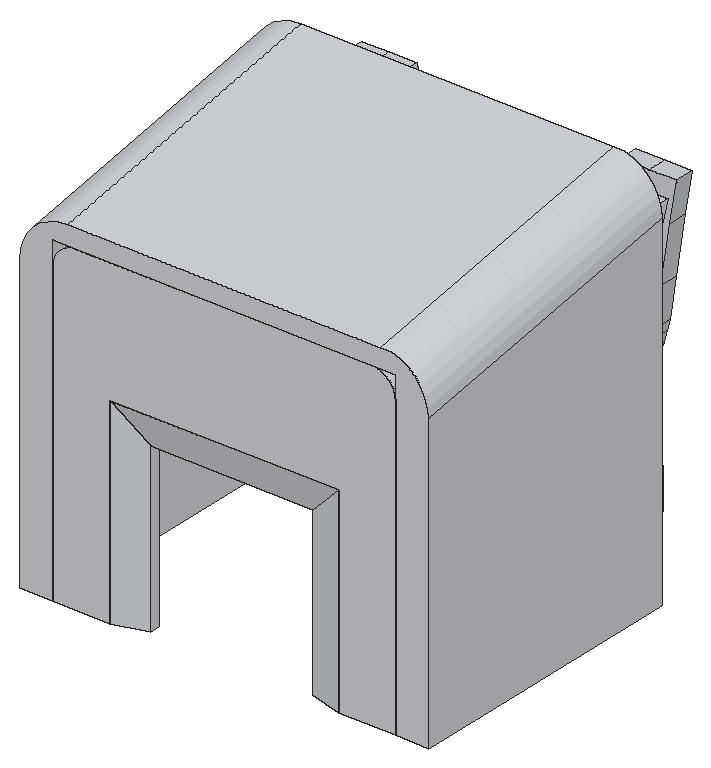
Revit family "Gira_000830", category Electrical Fixtures, Revit 2017
Family settings
  Maintain Annotation Orientation = No
  Round Connector Dimension = Use Diameter
  Part Type = Normal
  Work Plane-Based = No
  Always vertical = Yes
  Cut with Voids When Loaded = No
  Shared = No
  Room Calculation Point = No
Parameters (values of type "Adapter cab.entry 1-g channel 15 x 15 mm WP SM grey")
  URL = "https://www.gira.de/"
  Type Comments = ""
  Suitable for built-up box flush-mounted switching equipment = yes
  Model = "Duct slider"
  Manufacturer = "Gira"
  Keynote = ""
  HeinzeBIM = "https://www.heinze.de/bim/adapter-cab-entry-1-g-channel-15-x-15-mm-wp-sm-grey/ace2d32275819c874db17f32754eef9128f813aa"
  HAN = "000830"
  GTIN = "4010337008309"
  Description = "Adap.cab.entry 1g chan.15x15 WP SM GY Adapter for cable entry, 1-gang for duct 15 x 15 mm grey"
  Cost = 0
  Colour = "Grey"
  BIMSITE_PRODUCT_ID = "ace2d32275819c874db17f32754eef9128f813aa"
  BIM = "https://media.live.bim.site/t/eyJhbGciOiJIUzI1NiIsInR5cCI6IkpXVCJ9.eyJjdCI6MSwidGYiOiJwdWJsaWMvZ2lyYS8wOWY1ZGI1L0dpcmFfMDAwODMwLnJmYSIsImNpZCI6ImZlZDk4ZTlhLTFiZDgtNGM2OC1hNzNiLTc0YTk0ZTMxNTgyMyIsInJpZCI6ImJhYWNhNTBjMGZlNjg2MDdlMDUwNDMyY2I2MGQ5NzUwIiwicGlkIjoiYWNlMmQzMjI3NTgxOWM4NzRkYjE3ZjMyNzU0ZWVmOTEyOGY4MTNhYSIsInNpZCI6IjYzNDcwIiwidXQiOjUsImxjIjoiZW4iLCJpYXQiOjE2MDc1MjM4NDIsImlzcyI6Imh0dHBzOi8vYXBpLmxpdmUuYmltLnNpdGUiLCJzdWIiOiI4ZDNhYTVjYi1lMDY2LTQ1OTgtYmUxNi02ZTE2ZWU3NDk1NmEifQ.WttYKUz9Z2ZrL7dE8NSzq0o25RdyKSq4uIdY-OZZP34/Gira_000830.rfa"
  Assembly Code = ""
Reference planes
  plane 1 "Center (Front/Back)": y = 0
  plane 2: z = 0
  plane 3 "Center (Left/Right)": x = 0
Forms (mm)
  Extrusion 1, solid, detail levels fine
    sketch origin (0, 0, 0) x (0, 0, 1) y (-1, 0, 0)
      loop
        line (15, -11.5) -> (11, -10.866) -> (11, 10.866) -> (15, 11.5) -> (15, 14.501) -> (15, 17.369) -> (8.534, 16.345) -> (6.588, 16.037) -> (0.122, 15.013) -> (-1.011, 14.741) -> (-2.197, 14.456) -> (-3.324, 13.989) -> (-4.401, 13.543) -> (-5.44, 12.906) -> (-6.434, 12.297) -> (-7.362, 11.505) -> (-8.248, 10.748) -> (-9.04, 9.821) -> (-9.797, 8.934) -> (-10.434, 7.895) -> (-11.043, 6.901) -> (-11.51, 5.774) -> (-11.956, 4.697) -> (-12.241, 3.511) -> (-12.513, 2.378) -> (-12.609, 1.162) -> (-12.7, 0) -> (-12.604, -1.216) -> (-12.513, -2.378) -> (-12.228, -3.564) -> (-11.956, -4.697) -> (-11.489, -5.824) -> (-11.043, -6.901) -> (-10.406, -7.94) -> (-9.797, -8.934) -> (-9.005, -9.862) -> (-8.248, -10.748) -> (-7.321, -11.54) -> (-6.434, -12.297) -> (-5.395, -12.934) -> (-4.401, -13.543) -> (-3.274, -14.01) -> (-2.197, -14.456) -> (-1.011, -14.741) -> (0.122, -15.013) -> (4.433, -15.696) -> (10.689, -16.687) -> (15, -17.369) -> (15, -14.501) -> (15, -11.5)
      loop
        circle (0, 0) r 8.6
      loop
        line (9.5, 12.246) -> (8.121, 12.027) -> (1.133, 10.921) -> (0.015, 10.743)
        arc (0.015, 10.743) -> (-0.406, 10.213) -> (0.088, 9.75) r 0.5
        arc (0.088, 9.75) -> (5.013, 8.357) -> (8.555, 4.662) r 9.75
        arc (8.555, 4.662) -> (9.122, 4.416) -> (9.5, 4.905) r 0.503
        line (9.5, 4.905) -> (9.5, 12.246)
      loop
        line (9.5, -12.246) -> (9.5, -4.905)
        arc (9.5, -4.905) -> (9.122, -4.416) -> (8.555, -4.662) r 0.503
        arc (8.555, -4.662) -> (5.013, -8.357) -> (0.088, -9.75) r 9.75
        arc (0.088, -9.75) -> (-0.406, -10.213) -> (0.015, -10.743) r 0.5
        line (0.015, -10.743) -> (1.133, -10.921) -> (8.121, -12.027) -> (9.5, -12.246)
    from 0 to 2
  Extrusion 2, solid, detail levels fine
    sketch origin (0, 0, 0) x (0, 0, 1) y (-1, 0, 0)
      loop
        line (15, -13.874) -> (15, -11.5) -> (11, -10.866) -> (11, 10.866) -> (15, 11.5) -> (15, 14.126) -> (14.024, 14.126) -> (11.962, 14.126) -> (10.987, 14.126) -> (8.449, 13.724) -> (3.083, 12.874) -> (0.545, 12.472) -> (-0.75, 12.148) -> (-1.595, 11.936) -> (-2.813, 11.389) -> (-3.608, 11.032) -> (-4.71, 10.28) -> (-5.43, 9.789) -> (-6.383, 8.854) -> (-7.005, 8.244) -> (-7.779, 7.157) -> (-8.284, 6.447) -> (-8.855, 5.24) -> (-9.227, 4.453) -> (-9.577, 3.165) -> (-9.805, 2.324) -> (-9.923, 0.994) -> (-10, 0.126) -> (-9.882, -1.203) -> (-9.805, -2.071) -> (-9.456, -3.359) -> (-9.227, -4.2) -> (-8.657, -5.407) -> (-8.284, -6.195) -> (-7.51, -7.282) -> (-7.005, -7.992) -> (-6.052, -8.926) -> (-5.43, -9.536) -> (-4.328, -10.289) -> (-3.608, -10.78) -> (-2.39, -11.327) -> (-1.595, -11.684) -> (-0.301, -12.008) -> (0.545, -12.22) -> (4.669, -12.873) -> (10.987, -13.874) -> (13.415, -13.874) -> (15, -13.874)
      loop
        circle (0, 0) r 3
    from 2 to 6.595
  Extrusion 3, solid, detail levels fine
    sketch origin (0, 0, 0) x (0, 0, 1) y (0, -1, 0)
      loop
        line (11, 9.1) -> (-14.28, 9.1) -> (-14.28, 5.415) -> (12, 5.873) -> (15, 4.873) -> (15, 7.897) -> (11, 8.106) -> (11, 9.1)
    from 18.7 to -18.7
  Extrusion 4, solid, detail levels medium
    sketch origin (0, 0, 0) x (0, 0, 1) y (-1, 0, 0)
      loop
        line (-7.321, -11.54) -> (-6.434, -12.297) -> (-5.395, -12.934) -> (-4.401, -13.543) -> (-3.274, -14.01) -> (-2.197, -14.456) -> (-1.011, -14.741) -> (0.122, -15.013) -> (4.433, -15.696) -> (10.689, -16.687) -> (15, -17.369) -> (15, -14.501) -> (15, -11.5) -> (11, -10.866) -> (11, 10.866) -> (15, 11.5) -> (15, 14.501) -> (15, 17.369) -> (8.534, 16.345) -> (6.588, 16.037) -> (0.122, 15.013) -> (-1.011, 14.741) -> (-2.197, 14.456) -> (-3.324, 13.989) -> (-4.401, 13.543) -> (-5.44, 12.906) -> (-6.434, 12.297) -> (-7.362, 11.505) -> (-8.248, 10.748) -> (-9.04, 9.821) -> (-9.797, 8.934) -> (-10.434, 7.895) -> (-11.043, 6.901) -> (-11.51, 5.774) -> (-11.956, 4.697) -> (-12.241, 3.511) -> (-12.513, 2.378) -> (-12.609, 1.162) -> (-12.7, 0) -> (-12.604, -1.216) -> (-12.513, -2.378) -> (-12.228, -3.564) -> (-11.956, -4.697) -> (-11.489, -5.824) -> (-11.043, -6.901) -> (-10.406, -7.94) -> (-9.797, -8.934) -> (-9.005, -9.862) -> (-8.248, -10.748) -> (-7.321, -11.54)
    from 0 to 5.5
  Extrusion 5, solid, detail levels medium
    sketch origin (0, 0, 0) x (0, 0, 1) y (0, -1, 0)
      loop
        line (-14.28, 5.5) -> (15, 5.5) -> (15, 9.1) -> (-14.28, 9.1) -> (-14.28, 5.5)
    from -18.7 to 18.7
  SweptBlend 6, solid, detail levels fine
    path origin (0, 0, 0) x (0, 1, 0) y (0, 0, 1)
      loop
        line (-9.1, 0) -> (-39.735, 0)
    profile origin (0, -9.1, 0) x (0, 0, -1) y (1, 0, 0)
      loop
        spline (-15.918, 21.5) -> (-16.581, 21.457) -> (-17.233, 21.33) -> (-17.863, 21.119) -> (-18.459, 20.83) -> (-19.012, 20.467) -> (-19.511, 20.036) -> (-19.95, 19.544) -> (-20.319, 19) -> (-20.613, 18.413) -> (-20.827, 17.794) -> (-20.957, 17.153) -> (-21, 16.5)
        line (-21, 16.5) -> (-21, -16.5)
        spline (-21, -16.5) -> (-20.957, -17.153) -> (-20.827, -17.794) -> (-20.613, -18.413) -> (-20.319, -19) -> (-19.95, -19.544) -> (-19.511, -20.036) -> (-19.012, -20.467) -> (-18.459, -20.83) -> (-17.863, -21.119) -> (-17.233, -21.33) -> (-16.581, -21.457) -> (-15.918, -21.5)
        line (-15.918, -21.5) -> (20.5, -21.5) -> (20.5, 21.5) -> (-15.918, 21.5)
    end profile origin (0, -39.735, 0) x (0, 0, -1) y (1, 0, 0)
      loop
        line (-15.5, 16.5) -> (-15.5, -16.5)
        arc (-15.5, -16.5) -> (-14.036, -20.036) -> (-10.5, -21.5) r 5
        line (-10.5, -21.5) -> (20.5, -21.5) -> (20.5, 21.5) -> (-10.5, 21.5)
        arc (-10.5, 21.5) -> (-14.036, 20.036) -> (-15.5, 16.5) r 5
  Extrusion 7, void
    sketch origin (0, 0, 0) x (1, 0, 0) y (0, 1, 0)
      loop
        spline (-15, -11.157) -> (-15.392, -11.183) -> (-15.776, -11.259) -> (-16.148, -11.385) -> (-16.5, -11.558) -> (-16.826, -11.775) -> (-17.121, -12.033) -> (-17.38, -12.327) -> (-17.598, -12.653) -> (-17.772, -13.004) -> (-17.898, -13.374) -> (-17.974, -13.758) -> (-18, -14.148)
        line (-18, -14.148) -> (-18, -34.935) -> (-19.3, -34.935)
        arc (-19.3, -34.935) -> (-20.6, -36.235) -> (-19.3, -37.535) r 1.3
        line (-19.3, -37.535) -> (-18, -37.535) -> (-18, -39.735) -> (18, -39.735) -> (18, -37.535) -> (19.3, -37.535)
        arc (19.3, -37.535) -> (20.6, -36.235) -> (19.3, -34.935) r 1.3
        line (19.3, -34.935) -> (18, -34.935) -> (18, -14.148)
        spline (18, -14.148) -> (17.974, -13.758) -> (17.898, -13.374) -> (17.772, -13.004) -> (17.598, -12.653) -> (17.38, -12.327) -> (17.121, -12.033) -> (16.826, -11.775) -> (16.5, -11.558) -> (16.148, -11.385) -> (15.776, -11.259) -> (15.392, -11.183) -> (15, -11.157)
        line (15, -11.157) -> (-15, -11.157)
    from -29.176 to 13.5
  Extrusion 8, solid, detail levels fine
    sketch origin (0, 0, 0) x (1, 0, 0) y (0, 1, 0)
      loop
        line (-18, -31.163) -> (-18, -32.663) -> (18, -32.663) -> (18, -31.163) -> (-18, -31.163)
    from 9.5 to 13.5
  Extrusion 9, void
    sketch origin (0, 0, 0) x (1, 0, 0) y (0, 0, 1)
      loop
        circle (0, 0) r 3
    from -3.329 to 16.735
  Extrusion 10, void
    sketch origin (0, 0, 0) x (1, 0, 0) y (0, 0, 1)
      loop
        circle (0, 0) r 3
    from 9.1 to 12.197
  SweptBlend 11, solid, detail levels medium
    path origin (0, 0, 0) x (0, 1, 0) y (0, 0, 1)
      loop
        line (-9.1, 0) -> (-39.735, 0)
    profile origin (0, -9.1, 0) x (0, 0, -1) y (1, 0, 0)
      loop
        line (-21, -21.5) -> (20.5, -21.5) -> (20.5, 21.5) -> (-21, 21.5) -> (-21, -21.5)
    end profile origin (0, -39.735, 0) x (0, 0, -1) y (1, 0, 0)
      loop
        line (-15.5, -21.5) -> (20.5, -21.5) -> (20.5, 21.5) -> (-15.5, 21.5) -> (-15.5, -21.5)
  Extrusion 12, solid, detail levels coarse
    sketch origin (0, 0, 0) x (1, 0, 0) y (0, 1, 0)
      loop
        line (-21.5, 0) -> (-21.5, -39.735) -> (21.5, -39.735) -> (21.5, 0) -> (-21.5, 0)
    from -20.5 to 21
  Extrusion 13, void
    sketch origin (0, 0, 0) x (1, 0, 0) y (0, 0, 1)
      loop
        line (18.7, -20.5) -> (18.7, 13.5) -> (-18.7, 13.5) -> (-18.7, -20.5) -> (18.7, -20.5)
    from 11.157 to 42.053
Cuts and joins
  Extrusion 9, Extrusion 10 cuts Extrusion 3
  Extrusion 7, Extrusion 10 cuts SweptBlend 6
  joined: Extrusion 3, SweptBlend 6
  Extrusion 10 cuts Extrusion 2
  joined: Extrusion 1, Extrusion 2
  Extrusion 10 cuts Extrusion 4
  Extrusion 10 cuts Extrusion 5
  Extrusion 13 cuts SweptBlend 11
  joined: Extrusion 4, Extrusion 5, SweptBlend 11
Lines and regions (mm)
  reference lines
    curve 1: line (-20.6, -36.235, 0) -> (20.6, -36.235, 0)
Dimensions and locks
  aligned and locked: plane 2 to level
  aligned and locked: plane 3 "Center (Left/Right)" to nested 1
  aligned and locked: curve 1 to nested 1
Nested families
  nested 1: "00_001259_05" at (0, -32.735, -930.449), type "00_001259_05"
Definition of nested family "00_001259_05"
  Reference planes
    plane 1 "Center (Front/Back)": y = 0
    plane 2: z = 909.949
    plane 3 "Center (Left/Right)": x = 0
  Forms (mm)
    Extrusion 1, solid, detail levels fine
      sketch origin (0, 0, 0) x (1, 0, 0) y (0, 0, 1)
        loop
          arc (-15.5, 943.949) -> (-17.268, 943.217) -> (-18, 941.449) r 2.5
          line (-18, 941.449) -> (-18, 909.949) -> (-16, 909.949) -> (-16, 941.449)
          arc (-16, 941.449) -> (-15.854, 941.803) -> (-15.5, 941.949) r 0.5
          line (-15.5, 941.949) -> (15.5, 941.949)
          arc (15.5, 941.949) -> (15.854, 941.803) -> (16, 941.449) r 0.5
          line (16, 941.449) -> (16, 909.949) -> (18, 909.949) -> (18, 941.449)
          arc (18, 941.449) -> (17.268, 943.217) -> (15.5, 943.949) r 2.5
          line (15.5, 943.949) -> (-15.5, 943.949)
      from 0 to 7
    Extrusion 2, solid, detail levels fine
      sketch origin (0, 0, 0) x (1, 0, 0) y (0, 0, 1)
        loop
          line (-16, 909.949) -> (-12, 909.949) -> (-12, 930.949) -> (12, 930.949) -> (12, 909.949) -> (16, 909.949) -> (16, 941.449)
          arc (16, 941.449) -> (15.854, 941.803) -> (15.5, 941.949) r 0.5
          line (15.5, 941.949) -> (-15.5, 941.949)
          arc (-15.5, 941.949) -> (-15.854, 941.803) -> (-16, 941.449) r 0.5
          line (-16, 941.449) -> (-16, 909.949)
      from 5 to 7
    Extrusion 3, solid, detail levels medium+fine
      sketch origin (0, 0, 909.949) x (1, 0, 0) y (0, 1, 0)
        loop
          line (-19.2, -4.7) -> (-18, -4.7) -> (-18, -2.3) -> (-19.2, -2.3)
          arc (-19.2, -2.3) -> (-20.4, -3.5) -> (-19.2, -4.7) r 1.2
        loop
          arc (19.2, -4.7) -> (20.4, -3.5) -> (19.2, -2.3) r 1.2
          line (19.2, -2.3) -> (18, -2.3) -> (18, -4.7) -> (19.2, -4.7)
      from 0 to 30
    Sweep 4, solid, detail levels fine
      path origin (0, 0, 0) x (1, 0, 0) y (0, 0, 1)
        loop
          line (-8.5, 909.949) -> (-8.5, 927.449) -> (8.5, 927.449) -> (8.5, 909.949)
      profile origin (-8.5, 0, 918.699) x (-1, 0, 0) y (0, -1, 0)
        loop
          line (3.5, 7) -> (0, 6.003) -> (0, 5.003) -> (3.5, 6) -> (3.5, 7)
    Extrusion 5, solid, detail levels medium
      sketch origin (0, 0, 0) x (1, 0, 0) y (0, 0, 1)
        loop
          arc (-15.5, 943.949) -> (-17.268, 943.217) -> (-18, 941.449) r 2.5
          line (-18, 941.449) -> (-18, 909.949) -> (18, 909.949) -> (18, 941.449)
          arc (18, 941.449) -> (17.268, 943.217) -> (15.5, 943.949) r 2.5
          line (15.5, 943.949) -> (-15.5, 943.949)
      from 0 to 7
    Extrusion 6, solid, detail levels coarse
      sketch origin (0, 0, 0) x (1, 0, 0) y (0, 0, 1)
        loop
          line (-20.4, 909.949) -> (20.4, 909.949) -> (20.4, 943.949) -> (-20.4, 943.949) -> (-20.4, 909.949)
      from 0 to 7
  Cuts and joins
    joined: Extrusion 1, Extrusion 2
  Lines and regions (mm)
    reference lines
      curve 1: line (-20.4, -3.5, 909.949) -> (20.4, -3.5, 909.949)
  Dimensions and locks
    aligned and locked: level to plane 2
